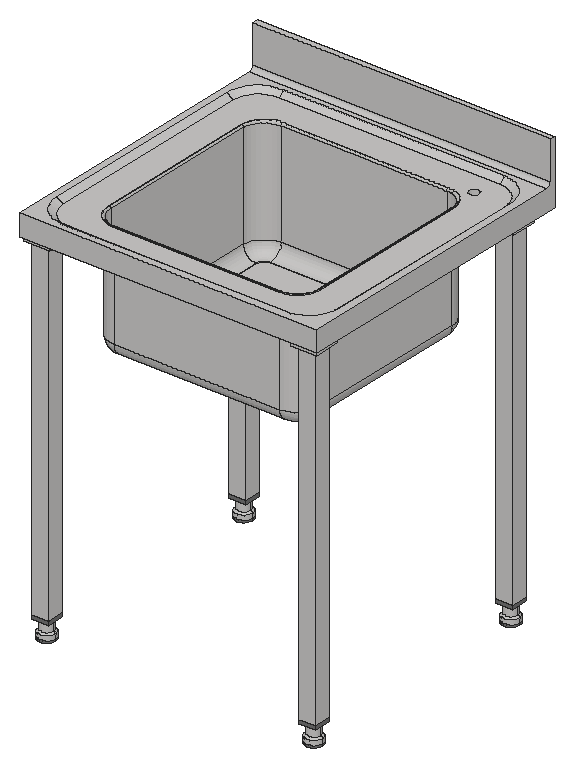
Revit family "QF_ELECTROLUXPROFESSIONAL_132803_LG716PN", category Attrezzature speciali, Revit 2020
Family settings
  Quota connettore circolare = Usa diametro
  Tipo di parte = Normale
  Basato su piano di lavoro = No
  Sempre verticale = Sì
  Taglio con vuoti quando caricato = No
  Condiviso = No
  Punto di calcolo locali = No
Parameters (values of type "Standard")
  Weight = 20.00 kg
  Watts = 0 W
  Volts = 0 V
  URL Manufacturer = "https://www.electroluxprofessional.com/"
  URL = "https://www.electroluxprofessional.com/"
  Steam Supply Size = 0 mm
  Steam Supply Minimum Pressure = 0.0 Pa
  Steam Supply Maximum Pressure = 0.0 Pa
  Steam Consumption per Hour = 0
  Refrigeration Suction Line Size = 0.0 mm
  Refrigeration Liquid Line Size = 0.0 mm
  Refrigerant Compressor Remote = yes
  Prospetto di default = 0.0 mm
  Phase = 0
  Modello = "LG716PN"
  Produttore = "Electrolux Professional"
  Length Actual = 700.0 mm  # constant formula
  Item Number = "132803"
  Hot Water Size = 0 mm
  Height Actual = 1000.0 mm  # constant formula
  HP = "0 HP"
  Gas Size = 0 mm
  Gas KW = 0
  Gas Input Pressure = 0 W
  Direct Waste Size = 50.8 mm
  Descrizione = "SINK UNIT 1 BOWL 700 MM"
  Depth Actual = 700.0 mm  # constant formula
  Cycle = 0 Hz
  Condensate Return Size = 0 mm
  Compressed Air Volume = 0.0 L/s
  Compressed Air Size = 0 mm
  Compressed Air Pressure = 0.0 Pa
  Cold Water Size = 0 mm
  Accessory = yes
Reference planes
  plane 1 "Center (Front/Back)": y = 0
  plane 2: z = 0
  plane 3 "Center (Left/Right)": x = 150
  plane 4 "LEFT": x = -200
  plane 5 "RIGHT": x = 500
  plane 6 "BACK": y = 350
  plane 7 "FRONT": y = -350
  plane 8 "Base": z = 850
  plane 9 "TOP": z = 900
  plane 10 "Sink_Base": z = 608
  plane 11 "ScaricoX": x = 320
  plane 12 "ScaricoY": y = 151
  plane 13: z = 441
  plane 14: x = 395
  plane 15: y = 245
Forms (mm)
  Extrusion 1, solid, material "QF_Finishes_Stainless Steel"
    sketch origin (150, 0, 0) x (0, 1, 0) y (0, 0, 1)
      loop
        line (-350, 850) -> (350, 850) -> (350, 1000) -> (337, 1000) -> (337, 910)
        arc (337, 910) -> (334.071, 902.929) -> (327, 900) r 10
        line (327, 900) -> (-350, 900) -> (-350, 850)
    from 350 to -350
  Extrusion 2, void
    sketch origin (0, 0, 900) x (0, 1, 0) y (-1, 0, 0)
      loop
        arc (-214, 100) -> (-252.891, 83.891) -> (-269, 45) r 55
        line (-269, 45) -> (-269, -345)
        arc (-269, -345) -> (-252.874, -383.908) -> (-213.951, -400) r 55
        line (-213.951, -400) -> (176.049, -400)
        arc (176.049, -400) -> (214.908, -383.874) -> (231, -345) r 55
        line (231, -345) -> (231, 45)
        arc (231, 45) -> (214.891, 83.891) -> (176, 100) r 55
        line (176, 100) -> (-214, 100)
    from 0 to -50
  Sweep 3, solid, material "QF_Finishes_Stainless Steel"
    path origin (0, 0, 900) x (0, 1, 0) y (-1, 0, 0)
      loop
        line (176, 100) -> (-214, 100)
        arc (-214, 100) -> (-252.891, 83.891) -> (-269, 45) r 55
        line (-269, 45) -> (-269, -345)
        arc (-269, -345) -> (-252.874, -383.908) -> (-213.951, -400) r 55
        line (-213.951, -400) -> (176.049, -400)
        arc (176.049, -400) -> (214.908, -383.874) -> (231, -345) r 55
        line (231, -345) -> (231, 45)
        arc (231, 45) -> (214.891, 83.891) -> (176, 100) r 55
    profile origin (-100, -19, 900) x (1, 0, 0) y (0, 0, 1)
      loop
        arc (5, -15) -> (3.536, -11.464) -> (0, -10) r 5
        line (0, -10) -> (0, -11.5)
        arc (0, -11.5) -> (2.475, -12.525) -> (3.5, -15) r 3.5
        line (3.5, -15) -> (3.5, -260.5)
        arc (3.5, -260.5) -> (12.726, -282.774) -> (35, -292) r 31.5
        line (35, -292) -> (35, -290.5)
        arc (35, -290.5) -> (13.787, -281.713) -> (5, -260.5) r 30
        line (5, -260.5) -> (5, -15)
  Extrusion 4, solid, material "QF_Finishes_Stainless Steel"
    sketch origin (0, 0, 608) x (0, -1, 0) y (1, 0, 0)
      loop
        arc (-196, -45) -> (-190.142, -59.142) -> (-176, -65) r 20
        line (-176, -65) -> (214, -65)
        arc (214, -65) -> (228.142, -59.142) -> (234, -45) r 20
        line (234, -45) -> (234, 345)
        arc (234, 345) -> (228.132, 359.153) -> (213.97, 365) r 20
        line (213.97, 365) -> (-176.03, 365)
        arc (-176.03, 365) -> (-190.153, 359.132) -> (-196, 345) r 20
        line (-196, 345) -> (-196, -45)
    from 0 to 1.5
  Extrusion 5, void
    sketch origin (0, 0, 608) x (0, -1, 0) y (1, 0, 0)
      loop
        circle (-151, 320) r 28
    from 32.343 to -63.145
  Revolve 6, solid, material "QF_Finishes_White"
    sketch origin (320, 0, 0) x (0, -1, 0) y (0, 0, 1)
      loop
        line (-167.5, 592.617) -> (-167.5, 578.5) -> (-166, 578.5) -> (-166, 593.449) -> (-177.558, 600.671) -> (-177.558, 608) -> (-179.058, 608) -> (-179.058, 599.84) -> (-167.5, 592.617)
      axis (-151, 608) -> (-151, 578.5)
    angle from 0 to 360
  Extrusion 7, void
    sketch origin (0, 0, 608) x (0, -1, 0) y (1, 0, 0)
      loop
        circle (-245, 395) r 11.5
    from 242 to 292
  Blend 8, void
    base sketch origin (0, 0, 608) x (0, -1, 0) y (1, 0, 0)
      loop
        arc (-314.887, -109.887) -> (-292.92, -162.92) -> (-239.887, -184.887) r 75
        line (-239.887, -184.887) -> (259.887, -184.887)
        arc (259.887, -184.887) -> (312.92, -162.92) -> (334.887, -109.887) r 75
        line (334.887, -109.887) -> (334.887, 409.887)
        arc (334.887, 409.887) -> (312.92, 462.92) -> (259.887, 484.887) r 75
        line (259.887, 484.887) -> (-239.887, 484.887)
        arc (-239.887, 484.887) -> (-292.92, 462.92) -> (-314.887, 409.887) r 75
        line (-314.887, 409.887) -> (-314.887, -109.887)
    top sketch origin (0, 0, 900) x (0, 1, 0) y (-1, 0, 0)
      loop
        arc (299.887, 109.887) -> (282.313, 152.313) -> (239.887, 169.887) r 60
        line (239.887, 169.887) -> (-259.887, 169.887)
        arc (-259.887, 169.887) -> (-302.313, 152.313) -> (-319.887, 109.887) r 60
        line (-319.887, 109.887) -> (-319.887, -409.887)
        arc (-319.887, -409.887) -> (-302.313, -452.313) -> (-259.887, -469.887) r 60
        line (-259.887, -469.887) -> (239.887, -469.887)
        arc (239.887, -469.887) -> (282.313, -452.313) -> (299.887, -409.887) r 60
        line (299.887, -409.887) -> (299.887, 109.887)
    from 292 to -10
Cuts and joins
  Extrusion 2, Extrusion 7, Blend 8 cuts Extrusion 1
  Extrusion 5, Blend 8 cuts Extrusion 4
  Blend 8 cuts Sweep 3
  Blend 8 cuts Revolve 6
Lines and regions (mm)
  symbolic lines
    curve 1: line (500, 350, 900) -> (-200, 350, 900)
    curve 2: line (-200, 350, 900) -> (-200, -350, 900)
    curve 3: line (-200, -350, 900) -> (500, -350, 900)
    curve 4: line (500, -350, 900) -> (500, 350, 900)
    curve 5: line (500, 337, 900) -> (-200, 337, 900)
    curve 6: arc (-109.887, 314.887, 608) -> (-162.92, 292.92, 608) -> (-184.887, 239.887, 608) r 75
    curve 7: line (-109.887, 314.887, 608) -> (409.887, 314.887, 608)
    curve 8: arc (484.887, 239.887, 608) -> (462.92, 292.92, 608) -> (409.887, 314.887, 608) r 75
    curve 9: line (-184.887, -259.887, 608) -> (-184.887, 239.887, 608)
    curve 10: arc (-184.887, -259.887, 608) -> (-162.92, -312.92, 608) -> (-109.887, -334.887, 608) r 75
    curve 11: line (409.887, -334.887, 608) -> (-109.887, -334.887, 608)
    curve 12: arc (409.887, -334.887, 608) -> (462.92, -312.92, 608) -> (484.887, -259.887, 608) r 75
    curve 13: line (484.887, 239.887, 608) -> (484.887, -259.887, 608)
    curve 14: arc (-45, 231, 608) -> (-83.891, 214.891, 608) -> (-100, 176, 608) r 55
    curve 15: line (-45, 231, 608) -> (345, 231, 608)
    curve 16: line (-100, -214, 608) -> (-100, 176, 608)
    curve 17: arc (-100, -214, 608) -> (-83.891, -252.891, 608) -> (-45, -269, 608) r 55
    curve 18: line (345, -269, 608) -> (-45, -269, 608)
    curve 19: arc (345, -269, 608) -> (383.908, -252.874, 608) -> (400, -213.951, 608) r 55
    curve 20: line (400, 176.049, 608) -> (400, -213.951, 608)
    curve 21: arc (400, 176.049, 608) -> (383.874, 214.908, 608) -> (345, 231, 608) r 55
    curve 22: line (365, 176.03, 608) -> (365, -213.97, 608)
    curve 23: arc (365, 176.03, 608) -> (359.132, 190.153, 608) -> (345, 196, 608) r 20
    curve 24: line (-45, 196, 608) -> (345, 196, 608)
    curve 25: arc (-45, 196, 608) -> (-59.142, 190.142, 608) -> (-65, 176, 608) r 20
    curve 26: line (-65, -214, 608) -> (-65, 176, 608)
    curve 27: arc (-65, -214, 608) -> (-59.142, -228.142, 608) -> (-45, -234, 608) r 20
    curve 28: line (345, -234, 608) -> (-45, -234, 608)
    curve 29: arc (345, -234, 608) -> (359.153, -228.132, 608) -> (365, -213.97, 608) r 20
    curve 30: circle (320, 151, 608) r 15 normal (0, 0, 1)
    curve 31: circle (320, 151, 608) r 26.558 normal (0, 0, -1)
    curve 32: circle (395, 245, 608) r 11.5 normal (0, 0, 1)
    curve 33: arc (-109.887, 299.887, 900) -> (-152.313, 282.313, 900) -> (-169.887, 239.887, 900) r 60
    curve 34: line (409.887, 299.887, 900) -> (-109.887, 299.887, 900)
    curve 35: arc (469.887, 239.887, 900) -> (452.313, 282.313, 900) -> (409.887, 299.887, 900) r 60
    curve 36: line (469.887, -259.887, 900) -> (469.887, 239.887, 900)
    curve 37: arc (409.887, -319.887, 900) -> (452.313, -302.313, 900) -> (469.887, -259.887, 900) r 60
    curve 38: line (-109.887, -319.887, 900) -> (409.887, -319.887, 900)
    curve 39: arc (-169.887, -259.887, 900) -> (-152.313, -302.313, 900) -> (-109.887, -319.887, 900) r 60
    curve 40: line (-169.887, 239.887, 900) -> (-169.887, -259.887, 900)
Dimensions and locks
  plane 4 "LEFT" to plane 5 "RIGHT" = 700.0 mm
  equal spacing: plane 4 "LEFT", plane 3 "Center (Left/Right)", plane 5 "RIGHT"
  locked: plane 8 "Base" to level at 850
  locked: Extrusion 1 to level at 1000
  plane 9 "TOP" to level = 900.0 mm
  plane 6 "BACK" to plane 7 "FRONT" = 700.0 mm
  equal spacing: plane 6 "BACK", plane 1 "Center (Front/Back)", plane 7 "FRONT"
  plane 10 "Sink_Base" to level = 608.0 mm
  locked: plane 6 "BACK" to plane 12 "ScaricoY" at 199
  locked: plane 11 "ScaricoX" to plane 5 "RIGHT" at 180
  plane 13 to level = 441.0 mm
  locked: plane 6 "BACK" to plane 15 at 105
  plane 14 to plane 5 "RIGHT" = 105.0 mm
  aligned and locked: level to plane 2
  aligned and locked: Extrusion 1 to plane 4 "LEFT"
  aligned and locked: plane 5 "RIGHT" to Extrusion 1
  aligned and locked: curve 2 to plane 4 "LEFT"
Automatic sketch dimensions
  Extrusion 1 sketch curve to plane 7 "FRONT" = 0.0 mm
  Extrusion 1 sketch curve to plane 9 "TOP" = 0.0 mm
  Extrusion 1 sketch curve to plane 6 "BACK" = 0.0 mm
  Extrusion 1 sketch curve to plane 8 "Base" = 0.0 mm
  plane 9 "TOP" to Extrusion 1 sketch curve = 10.0 mm
  Extrusion 1 sketch curve to plane 6 "BACK" = 13.0 mm
  Extrusion 1 sketch curve to Extrusion 1 sketch curve = 90.0 mm
  curve 3 to plane 7 "FRONT" = 0.0 mm
  curve 5 to plane 5 "RIGHT" = 0.0 mm
  curve 4 to plane 6 "BACK" = 0.0 mm
  curve 5 to plane 6 "BACK" = 13.0 mm
  Extrusion 2 sketch curve to Extrusion 2 sketch curve = 55.0 mm  (x4)
  Extrusion 2 sketch curve to Extrusion 2 sketch curve = 0.0 mm  (x5)
  Sweep 3 sketch curve to Sweep 3 sketch curve = 55.0 mm  (x3)
  Sweep 3 sketch curve to Sweep 3 sketch curve = 0.049 mm  (x2)
  Sweep 3 sketch curve to Sweep 3 sketch curve = 0.0 mm  (x4)
  profile plane to Sweep 3 sketch curve = 0.0 mm
  Sweep 3 sketch curve to profile plane = 3.5 mm
  Sweep 3 sketch curve to Sweep 3 sketch curve = 1.5 mm
  Sweep 3 sketch curve to Sweep 3 sketch curve = 30.0 mm
  Sweep 3 sketch curve to plane 9 "TOP" = 260.5 mm
  Sweep 3 sketch curve to plane 9 "TOP" = 15.0 mm
  Extrusion 4 sketch curve to Extrusion 4 sketch curve = 19.97 mm
  Extrusion 4 sketch curve to Extrusion 4 sketch curve = 20.0 mm  (x4)
  Extrusion 4 sketch curve to Extrusion 4 sketch curve = 0.03 mm  (x2)
  Extrusion 4 sketch curve to Extrusion 4 sketch curve = 0.0 mm  (x2)
  Extrusion 5 sketch curve to plane 11 "ScaricoX" = 0.0 mm
  Extrusion 5 sketch curve to plane 12 "ScaricoY" = 0.0 mm
  Revolve 6 sketch curve to plane 12 "ScaricoY" = 0.0 mm
  plane 12 "ScaricoY" to Revolve 6 sketch curve = 15.0 mm
  Revolve 6 sketch curve to Revolve 6 sketch curve = 1.5 mm  (x2)
  plane 10 "Sink_Base" to Revolve 6 sketch curve = 7.329 mm
  Revolve 6 sketch curve to Revolve 6 sketch curve = 10.058 mm
  plane 10 "Sink_Base" to Revolve 6 sketch curve = 8.16 mm
  Revolve 6 sketch curve to Revolve 6 sketch curve = 7.222 mm
  Revolve 6 sketch curve to Revolve 6 sketch curve = 0.831 mm
  Revolve 6 sketch curve to Revolve 6 sketch curve = 14.117 mm
  Revolve 6 sketch curve to Revolve 6 sketch curve = 24.0 mm
  Revolve 6 sketch curve to plane 10 "Sink_Base" = 0.0 mm
  Revolve 6 sketch curve to plane 10 "Sink_Base" = 26.5 mm
  Extrusion 7 sketch curve to plane 14 = 0.0 mm
  Extrusion 7 sketch curve to plane 15 = 0.0 mm
  curve 14 to curve 25 = 0.0 mm  (x3)
  curve 17 to curve 27 = 0.0 mm  (x3)
  curve 19 to curve 29 = 0.0 mm  (x2)
  curve 21 to curve 23 = 0.0 mm  (x2)
  curve 30 to curve 31 = 0.0 mm  (x2)
  curve 32 to plane 14 = 0.0 mm
  curve 32 to plane 15 = 0.0 mm
  curve 31 to plane 11 "ScaricoX" = 0.0 mm
  curve 31 to plane 12 "ScaricoY" = 0.0 mm
  plane 14 to curve 7 = 14.887 mm
  curve 7 to plane 6 "BACK" = 35.113 mm
  curve 8 to plane 15 = 5.113 mm
  curve 6 to plane 15 = 5.113 mm
  curve 15 to plane 15 = 14.0 mm
  curve 14 to curve 24 = 35.0 mm
  plane 14 to curve 20 = 5.0 mm
  plane 12 "ScaricoY" to curve 20 = 25.049 mm
  plane 12 "ScaricoY" to curve 22 = 25.03 mm
  curve 24 to curve 14 = 20.0 mm
  curve 22 to curve 21 = 0.03 mm
  curve 22 to plane 14 = 30.0 mm
  curve 20 to curve 22 = 0.019 mm
  curve 29 to curve 29 = 0.03 mm
  curve 17 to curve 10 = 45.887 mm
  plane 14 to curve 11 = 14.887 mm
  curve 23 to curve 22 = 20.0 mm
  curve 21 to plane 11 "ScaricoX" = 25.0 mm
  curve 15 to curve 21 = 0.0 mm
  curve 23 to curve 21 = 0.0 mm
  curve 24 to curve 23 = 0.0 mm
  Blend 8 sketch curve to plane 15 = 5.113 mm  (x4)
  plane 4 "LEFT" to Blend 8 sketch curve = 15.113 mm
  plane 14 to Blend 8 sketch curve = 14.887 mm  (x4)
  curve 33 to plane 15 = 5.113 mm
  plane 14 to curve 34 = 14.887 mm
  curve 35 to plane 15 = 5.113 mm
  plane 14 to curve 37 = 14.887 mm
  plane 7 "FRONT" to curve 38 = 30.113 mm
  curve 38 to curve 40 = 60.0 mm
  plane 7 "FRONT" to Extrusion 2 sketch curve = 136.049 mm
  plane 7 "FRONT" to Sweep 3 sketch curve = 136.049 mm
  plane 7 "FRONT" to Extrusion 4 sketch curve = 136.03 mm
  plane 7 "FRONT" to curve 20 = 136.049 mm
  curve 16 to curve 27 = 20.0 mm
  plane 7 "FRONT" to curve 13 = 90.113 mm
  plane 7 "FRONT" to Blend 8 sketch curve = 90.113 mm  (x3)
  curve 38 to curve 37 = 60.0 mm
  plane 12 "ScaricoY" to Extrusion 2 sketch curve = 25.0 mm  (x2)
  plane 12 "ScaricoY" to Sweep 3 sketch curve = 25.0 mm  (x2)
  Sweep 3 sketch curve to plane 15 = 14.0 mm
  plane 12 "ScaricoY" to Extrusion 4 sketch curve = 25.0 mm
  plane 4 "LEFT" to curve 34 = 90.113 mm
  plane 4 "LEFT" to Extrusion 2 sketch curve = 155.0 mm  (x2)
  plane 4 "LEFT" to Sweep 3 sketch curve = 155.0 mm
  plane 4 "LEFT" to Extrusion 4 sketch curve = 155.0 mm
  plane 4 "LEFT" to curve 27 = 155.0 mm
  curve 6 to curve 14 = 9.887 mm
  Blend 8 sketch curve to plane 6 "BACK" = 35.113 mm
  Blend 8 sketch curve to Blend 8 sketch curve = 75.0 mm
  plane 4 "LEFT" to Blend 8 sketch curve = 90.113 mm
  plane 7 "FRONT" to Extrusion 2 sketch curve = 136.0 mm
  Extrusion 2 sketch curve to plane 11 "ScaricoX" = 25.0 mm
  Sweep 3 sketch curve to plane 11 "ScaricoX" = 25.0 mm
  Extrusion 4 sketch curve to plane 11 "ScaricoX" = 25.0 mm
  plane 7 "FRONT" to Blend 8 sketch curve = 30.113 mm
  radius of Extrusion 5 sketch curve = 28.0 mm
  radius of Extrusion 7 sketch curve = 11.5 mm
  radius of curve 30 = 15.0 mm
  radius of curve 31 = 26.558 mm
  radius of curve 32 = 11.5 mm
Nested families
  nested 1: "TAV_W700" at (0, 0, 0), type "TAV_W700"
Connectors
  piping at (320, 151, 578.5), diameter 50.8, driven by "Direct Waste Size"
    settings: on Revolve 6, index 1, connector inside diameter 609.6 mm, connector length 0.0 mm, flow factor 0, pipe flow 0.0 L/s, pressure drop 0.0 Pa, fitting loss kfactor 0, connector angle 0.00°, fixture units 0, engagement length 0.0 mm, angle of deflection 0.00°, flow configuration 1, flow direction 2, fitting loss method 0, system type 16, joint type 0, gender type 0, connector reference index -1, connector utility 0, adjustable connector no, is connector primary yes, connector description "Drain"
Definition of nested family "TAV_W700"
  Parameters
    Default Elevation = 0.0 mm
    Model = "TAV_W700"
    Manufacturer = "Electrolux Professional"
    Description = ""
  Reference planes
    plane 1 "Center (Front/Back)": y = 0
    plane 2: z = 0
    plane 3 "Center (Left/Right)": x = 150
    plane 4 "LEFT": x = -200
    plane 5 "RIGHT": x = 500
    plane 6 "BACK": y = 350
    plane 7 "FRONT": y = -350
    plane 8 "Base": z = 850
    plane 9 "TOP": z = 900
    plane 10: x = -164.5
    plane 11: x = 464.5
    plane 12: y = 265.5
    plane 13: y = -314.5
    plane 14: x = -144.5
    plane 15: x = 444.5
    plane 16 "RIPIANO": z = 200
  Forms (mm)
    Extrusion 1, solid
      sketch origin (-4.534, 0, 850) x (0, 1, 0) y (-1, 0, 0)
        loop
          line (235.5, 179.966) -> (-284.5, 179.966) -> (-284.5, 139.966) -> (235.5, 139.966) -> (235.5, 179.966)
        loop
          line (-334.506, 129.966) -> (-334.506, -439.034) -> (-294.506, -439.034) -> (-294.506, 129.966) -> (-334.506, 129.966)
        loop
          line (-284.5, -489.034) -> (235.5, -489.034) -> (235.5, -449.034) -> (-284.5, -449.034) -> (-284.5, -489.034)
        loop
          line (285.5, 129.966) -> (245.5, 129.966) -> (245.5, -439.034) -> (285.5, -439.034) -> (285.5, 129.966)
      from 0 to -10
  Lines and regions (mm)
    symbolic lines, detail levels coarse
      curve 1: line (-200, 350, 200) -> (500, 350, 200)
      curve 2: line (-200, -350, 200) -> (-200, 350, 200)
      curve 3: line (500, -350, 200) -> (-200, -350, 200)
      curve 4: line (500, 350, 200) -> (500, -350, 200)
  Dimensions and locks
    plane 4 "LEFT" to plane 5 "RIGHT" = 700.0 mm
    equal spacing: plane 4 "LEFT", plane 3 "Center (Left/Right)", plane 5 "RIGHT"
    locked: plane 8 "Base" to level at 850
    plane 4 "LEFT" to plane 10 = 35.5 mm
    plane 11 to plane 5 "RIGHT" = 35.5 mm
    plane 10 to plane 11 = 629.0 mm
    plane 9 "TOP" to level = 900.0 mm
    plane 6 "BACK" to plane 12 = 84.5 mm
    plane 13 to plane 7 "FRONT" = 35.5 mm
    plane 6 "BACK" to plane 7 "FRONT" = 700.0 mm
    plane 12 to plane 13 = 580.0 mm
    equal spacing: plane 6 "BACK", plane 1 "Center (Front/Back)", plane 7 "FRONT"
    locked: plane 14 to plane 4 "LEFT" at 55.5
    locked: plane 5 "RIGHT" to plane 15 at 55.5
    plane 16 "RIPIANO" to level = 200.0 mm
    plane 2 to plane 16 "RIPIANO" to plane 8 "Base" = 200.0 mm, 650.0 mm
    aligned and locked: level to plane 2
    aligned and locked: plane 10 to nested 1
    aligned and locked: nested 1 to plane 13
    aligned and locked: plane 11 to nested 2
    aligned and locked: nested 2 to plane 13
    aligned and locked: plane 11 to nested 4
    aligned and locked: nested 4 to plane 12
    aligned and locked: plane 10 to nested 3
    aligned and locked: nested 3 to plane 12
  Automatic sketch dimensions
    plane 15 to Extrusion 1 sketch curve = 10.0 mm  (x2)
    plane 7 "FRONT" to Extrusion 1 sketch curve = 15.494 mm
    plane 13 to Extrusion 1 sketch curve = 19.994 mm
    Extrusion 1 sketch curve to plane 5 "RIGHT" = 15.5 mm
    plane 13 to Extrusion 1 sketch curve = 30.0 mm  (x2)
    Extrusion 1 sketch curve to plane 14 = 0.0 mm
    Extrusion 1 sketch curve to plane 12 = 30.0 mm  (x2)
    Extrusion 1 sketch curve to plane 12 = 20.0 mm
    plane 12 to Extrusion 1 sketch curve = 20.0 mm
    Extrusion 1 sketch curve to plane 15 = 0.0 mm
    Extrusion 1 sketch curve to plane 14 = 10.0 mm  (x2)
    Extrusion 1 sketch curve to plane 10 = 20.0 mm
    curve 3 to plane 4 "LEFT" = 0.0 mm
    curve 3 to plane 7 "FRONT" = 0.0 mm
    curve 2 to plane 6 "BACK" = 0.0 mm
    curve 1 to plane 5 "RIGHT" = 0.0 mm
  Nested families
    nested 1: "FEET_40x40_TAV" at (-164.5, -314.5, 0), type "FEET_40x40_TAV"
    nested 2: "FEET_40x40_TAV" at (464.5, -314.5, 0), type "FEET_40x40_TAV"
    nested 3: "FEET_40x40_TAV" at (-164.5, 265.5, 0), type "FEET_40x40_TAV"
    nested 4: "FEET_40x40_TAV" at (464.5, 265.5, 0), type "FEET_40x40_TAV"
  Definition of nested family "FEET_40x40_TAV"
    Parameters
      Default Elevation = 0.0 mm
      FEET = 850.0 mm
    Reference planes
      plane 1 "Center (Front/Back)": y = 0
      plane 2: z = 0
      plane 3 "Center (Left/Right)": x = 0
      plane 4: z = 850
    Forms (mm)
      Extrusion 1, solid
        sketch origin (0, 0, 0) x (1, 0, 0) y (0, 1, 0)
          loop
            line (-20, -20) -> (20, -20) -> (20, 20) -> (-20, 20) -> (-20, -20)
        from 50 to 840
      Extrusion 2, solid
        sketch origin (0, 0, 0) x (1, 0, 0) y (0, 1, 0)
          loop
            circle (0, 0) r 20
        from 0 to 5
      Extrusion 3, solid
        sketch origin (0, 0, 0) x (1, 0, 0) y (0, 1, 0)
          loop
            line (30, 30) -> (-30, 30) -> (-30, -30) -> (30, -30) -> (30, 30)
        from 840 to 850
      Extrusion 4, solid
        sketch origin (0, 0, 0) x (1, 0, 0) y (0, 1, 0)
          loop
            line (-20, -20) -> (20, -20) -> (20, 20) -> (-20, 20) -> (-20, -20)
        from 50 to 42
      Revolve 5, solid
        sketch origin (0, 0, 0) x (1, 0, 0) y (0, 0, 1)
          loop
            line (0, 42) -> (-15, 42) -> (-15, 20) -> (-20, 15) -> (-20, 5) -> (0, 5) -> (0, 42)
          axis (0, 42) -> (0, 5)
        angle from 0 to 360
    Lines and regions (mm)
      symbolic lines
        curve 1: line (0, -1.503, 0) -> (0, 1.508, 0)
        curve 2: line (1.561, 0, 0) -> (-1.439, 0, 0)
    Dimensions and locks
      "FEET": plane 4 to plane 2
      aligned and locked: level to plane 2
    Automatic sketch dimensions
      plane 1 "Center (Front/Back)" to curve 2 = 0.0 mm
      curve 1 to plane 3 "Center (Left/Right)" = 0.0 mm
      curve 2 to plane 3 "Center (Left/Right)" = 1.439 mm
      plane 3 "Center (Left/Right)" to curve 2 = 1.561 mm
      plane 1 "Center (Front/Back)" to curve 1 = 1.503 mm
      curve 1 to plane 1 "Center (Front/Back)" = 1.508 mm
      Extrusion 1 sketch curve to plane 3 "Center (Left/Right)" = 20.0 mm
      plane 3 "Center (Left/Right)" to Extrusion 1 sketch curve = 20.0 mm
      plane 1 "Center (Front/Back)" to Extrusion 1 sketch curve = 20.0 mm
      Extrusion 1 sketch curve to plane 1 "Center (Front/Back)" = 20.0 mm
      plane 1 "Center (Front/Back)" to Extrusion 2 sketch curve = 0.0 mm
      Extrusion 2 sketch curve to plane 3 "Center (Left/Right)" = 0.0 mm
      Extrusion 3 sketch curve to plane 3 "Center (Left/Right)" = 30.0 mm
      plane 3 "Center (Left/Right)" to Extrusion 3 sketch curve = 30.0 mm
      plane 1 "Center (Front/Back)" to Extrusion 3 sketch curve = 30.0 mm
      Extrusion 3 sketch curve to plane 1 "Center (Front/Back)" = 30.0 mm
      Extrusion 4 sketch curve to plane 3 "Center (Left/Right)" = 20.0 mm
      plane 3 "Center (Left/Right)" to Extrusion 4 sketch curve = 20.0 mm
      plane 1 "Center (Front/Back)" to Extrusion 4 sketch curve = 20.0 mm
      Extrusion 4 sketch curve to plane 1 "Center (Front/Back)" = 20.0 mm
      Revolve 5 sketch curve to plane 3 "Center (Left/Right)" = 0.0 mm  (x2)
      Revolve 5 sketch curve to plane 3 "Center (Left/Right)" = 15.0 mm
      Revolve 5 sketch curve to Revolve 5 sketch curve = 5.0 mm  (x3)
      level to Revolve 5 sketch curve = 5.0 mm
      Revolve 5 sketch curve to Revolve 5 sketch curve = 10.0 mm
      Revolve 5 sketch curve to Revolve 5 sketch curve = 22.0 mm
      Revolve 5 sketch curve to level = 9.561 mm
      radius of Extrusion 2 sketch curve = 20.0 mm
